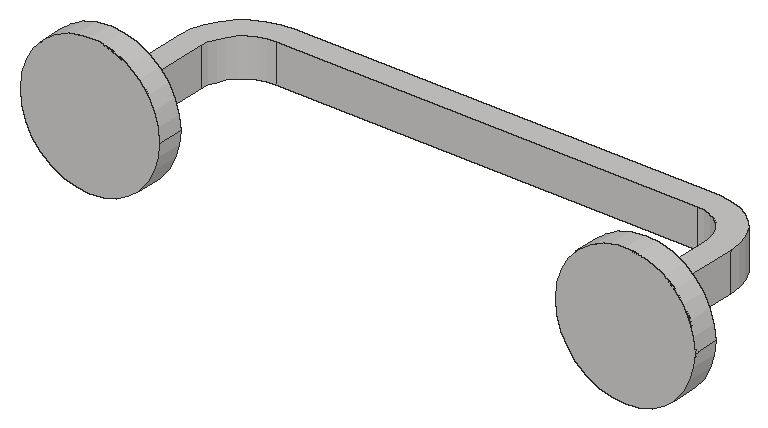
Revit family "SA-2704", category Plumbing Fixtures, host Wall, Revit 2023
Family settings
  Host = Wall
  Round Connector Dimension = Use Diameter
  Part Type = Normal
  OmniClass Number = 23.45.00.00
  OmniClass Title = Sanitary, Laundry, and Cleaning Equipment
  Enable Cutting in Views = No
  Always vertical = Yes
  Cut with Voids When Loaded = No
  Maintain Annotation Orientation = No
  Shared = No
  Room Calculation Point = No
Parameters
  Default Elevation = 0' - 0"
Reference planes (in)
  plane 1: y = 0
  plane 2 "Center (Left/Right)": x = -0.47711
  plane 3 "Back": y = 3
  plane 4: z = 36
  plane 5: x = 4.64789
  plane 6: x = -5.60211
  plane 7: y = 3.38109
  plane 8: y = 5.75
  plane 9: x = 3.52289
  plane 10: x = -4.47711
  plane 11: z = 37.0625
  plane 12: z = 37.0625
  plane 13: z = 34.9375
  plane 14: y = 5.36713
Forms (in)
  Extrusion 1, solid, material "Metal"
    sketch origin (-60, 3, 0) x (-1, 0, 0) y (0, 0, 1)
      loop
        circle (-63.58539, 36) r 1.0625
      loop
        circle (-55.46039, 36) r 1.0625
    from 0 to 0.38109
  Extrusion 2, solid, material "Metal"
    sketch origin (0, -0.09375, 0) x (1, 0, 0) y (0, 1, 0)
      loop
        line (-4.25164, 3.47484) -> (-4.25164, 4.82706)
        arc (-4.25164, 4.82706) -> (-4.066, 5.27524) -> (-3.61783, 5.46088) r 0.63382
        line (-3.61783, 5.46088) -> (2.77068, 5.46088)
        arc (2.77068, 5.46088) -> (3.19873, 5.28358) -> (3.37604, 4.85552) r 0.60536
        line (3.37604, 4.85552) -> (3.37604, 3.47484) -> (3.7477, 3.47484) -> (3.7477, 4.8919)
        arc (3.7477, 4.8919) -> (3.46891, 5.56496) -> (2.79585, 5.84375) r 0.95185
        line (2.79585, 5.84375) -> (-3.65315, 5.84375)
        arc (-3.65315, 5.84375) -> (-4.33087, 5.56303) -> (-4.61159, 4.88531) r 0.95844
        line (-4.61159, 4.88531) -> (-4.61159, 3.47484) -> (-4.25164, 3.47484)
    from 35.709 to 36.29296
Text (in)
  text "Placement Side" at (0, 40.15149, 123.01588), in view "Right"
  text "Placement Side" at (-70.3804, 45.82615, 0), in view "Ref. Level"
  text "Placement Side" at (0, 47.49176, 113.10569), in view "Left"
Dimensions and locks (in)
  locked: plane 3 "Back" to host wall
  plane 3 "Back" to plane 7 = 0' - 0.38109"
  plane 3 "Back" to plane 8 = 0' - 2 3/4"
  plane 6 to plane 5 = 0' - 10 1/4"
  plane 9 to plane 10 = 0' - 8"
  plane 13 to plane 12 = 0' - 2 1/8"
  locked: plane 3 "Back" to plane 8 at 2.75
  locked: plane 3 "Back" to plane 7 at 0.38109  (x2)
  locked: plane 7 to plane 14 at 1.98604
  aligned and locked: Extrusion 1 to plane 3 "Back"
  aligned and locked: Extrusion 2 to plane 7  (x2)
  aligned and locked: plane 8 to Extrusion 2
  aligned and locked: Extrusion 2 to plane 14
